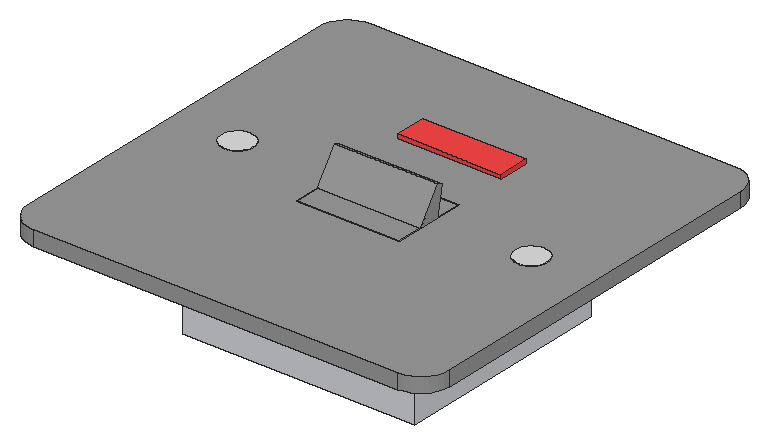
Revit family "ElectricalFixture_WiringAccessories_Hager_Sollysta_FlatDecorative50ADoublePoleSwitches", category Electrical Fixtures, host Face, Revit 2015
Parameters (values of type "WFDP50NBNB")
  Warranty ID = ""
  Voltage (Volts) = "230V/240V"
  Unique Reference = "WFDP50NBNB"
  Type = "ElectricalFixture"
  Technical Description = Description  # "50ADoublePoleSwitch1GangwithLEDIndicatorBlackNickelBlackInsert"
  Switch = yes
  Supply Phase = "1"
  Size = ""
  Single = yes
  Shipping Weight kg = "0.188"
  Shape = "Rectangular"
  Reference Standard = "BS 1363-2"
  Product URL = "http://www.hager.co.uk/product-catalogue/wiring-accessories/sollysta/white-moulded/white-moulded-sockets/58428.htm"
  Product Range = "Sollysta"
  Product Model Number = Unique Reference  # "WFDP50NBNB"
  Product Literature = "http://www.hager.co.uk/product-catalogue/wiring-accessories/sollysta/38662.htm"
  Product Group = "WiringAccessories"
  Product Family = "Decorative50ADoublePoleSwitches"
  Packaging Recyclable = yes
  Overall Width = Overall Length  # 86.0 mm
  Overall Length = 86.0 mm
  Overall Height = 86.0 mm
  Overall Depth = 21.918 mm
  Operation and Maintenance Manual = ""
  Name = Description  # "50ADoublePoleSwitch1GangwithLEDIndicatorBlackNickelBlackInsert"
  Measurement Units = "mm"
  Material = Hager_BlackNickel
  Manufacturer Website = "http://www.hager.co.uk/"
  Manufacturer Country = "United Kingdom"
  Manufacturer = "Hager"
  LED Indicator Switch = yes
  Gross Weight kg = "0.165"
  Frequency = "50/60Hz"
  Finish = "BlackNickel"
  Features = Description  # "50ADoublePoleSwitch1GangwithLEDIndicatorBlackNickelBlackInsert"
  Extrusion From Wall = 3.0 mm  # constant formula
  Expected Life = "25 years"
  EAN Code = "5015654741921"
  Double = no
  Distance From Edge = 63.59 mm
  Distance From Centre = 22.393 mm
  Design Country = "China"
  Description = "50ADoublePoleSwitch1GangwithLEDIndicatorBlackNickelBlackInsert"
  Default Elevation = 1219.2 mm
  Colour = "BlackNickel"
  CE Approval = yes
Types (7, lengths in mm): name | Unique Reference | Technical Description | Product Model Number | Name | Material | Finish | Features | EAN Code | Description | Colour
  WFDP50NPSW | "WFDP50NPSW" | "50ADoublePoleSwitch1GangwithLEDIndicatorPolishedSteelWhiteInsert" | "WFDP50NPSW" | "50ADoublePoleSwitch1GangwithLEDIndicatorPolishedSteelWhiteInsert" | Hager_PolishedSteel | "Polished" | "50ADoublePoleSwitch1GangwithLEDIndicatorPolishedSteelWhiteInsert" | "5015654741808" | "50ADoublePoleSwitch1GangwithLEDIndicatorPolishedSteelWhiteInsert" | "PolishedSteel"
  WFDP50NBSW | "WFDP50NBSW" | "50ADoublePoleSwitch1GangwithLEDIndicatorBrushedSteelWhiteInsert" | "WFDP50NBSW" | "50ADoublePoleSwitch1GangwithLEDIndicatorBrushedSteelWhiteInsert" | Hager_BrushedSteel | "Brushed" | "50ADoublePoleSwitch1GangwithLEDIndicatorBrushedSteelWhiteInsert" | "5015654741846" | "50ADoublePoleSwitch1GangwithLEDIndicatorBrushedSteelWhiteInsert" | "BrushedSteel"
  WFDP50NPBW | "WFDP50NPBW" | "50ADoublePoleSwitch1GangwithLEDIndicatorPolishedBrassWhiteInsert" | "WFDP50NPBW" | "50ADoublePoleSwitch1GangwithLEDIndicatorPolishedBrassWhiteInsert" | Hager_PolishedBrass | "Polished" | "50ADoublePoleSwitch1GangwithLEDIndicatorPolishedBrassWhiteInsert" | "5015654741884" | "50ADoublePoleSwitch1GangwithLEDIndicatorPolishedBrassWhiteInsert" | "PolishedBrass"
  WFDP50NBSB | "WFDP50NBSB" | "50ADoublePoleSwitch1GangwithLEDIndicatorBrushedSteelBlackInsert" | "WFDP50NBSB" | "50ADoublePoleSwitch1GangwithLEDIndicatorBrushedSteelBlackInsert" | Hager_BrushedSteel | "Brushed" | "50ADoublePoleSwitch1GangwithLEDIndicatorBrushedSteelBlackInsert" | "5015654741860" | "50ADoublePoleSwitch1GangwithLEDIndicatorBrushedSteelBlackInsert" | "BrushedSteel"
  WFDP50NPBB | "WFDP50NPBB" | "50ADoublePoleSwitch1GangwithLEDIndicatorPolishedBrassBlackInsert" | "WFDP50NPBB" | "50ADoublePoleSwitch1GangwithLEDIndicatorPolishedBrassBlackInsert" | Hager_PolishedBrass | "Polished" | "50ADoublePoleSwitch1GangwithLEDIndicatorPolishedBrassBlackInsert" | "5015654741907" | "50ADoublePoleSwitch1GangwithLEDIndicatorPolishedBrassBlackInsert" | "PolishedBrass"
  WFDP50NPSB | "WFDP50NPSB" | "50ADoublePoleSwitch1GangwithLEDIndicatorPolishedSteelBlackInsert" | "WFDP50NPSB" | "50ADoublePoleSwitch1GangwithLEDIndicatorPolishedSteelBlackInsert" | Hager_PolishedSteel | "Polished" | "50ADoublePoleSwitch1GangwithLEDIndicatorPolishedSteelBlackInsert" | "5015654741822" | "50ADoublePoleSwitch1GangwithLEDIndicatorPolishedSteelBlackInsert" | "PolishedSteel"
  WFDP50NBNB | "WFDP50NBNB" | "50ADoublePoleSwitch1GangwithLEDIndicatorBlackNickelBlackInsert" | "WFDP50NBNB" | "50ADoublePoleSwitch1GangwithLEDIndicatorBlackNickelBlackInsert" | Hager_BlackNickel | "BlackNickel" | "50ADoublePoleSwitch1GangwithLEDIndicatorBlackNickelBlackInsert" | "5015654741921" | "50ADoublePoleSwitch1GangwithLEDIndicatorBlackNickelBlackInsert" | "BlackNickel"
Reference planes
  plane 1 "Center (Front/Back)": y = 0
  plane 2: z = 0
  plane 3 "Center (Left/Right)": x = 0
  plane 4: y = -43
  plane 5: y = 43
  plane 6: x = -73
  plane 7: x = 13
  plane 8: z = 3
  plane 9: z = -18.918
  plane 10: z = 3
  plane 11: y = -471.393
  plane 12: z = -20.53
  plane 13: x = -30
  plane 14: y = 16.633
  plane 15: y = 23
  plane 16: y = -30
  plane 17: y = 30
  plane 18: x = -60
  plane 19: z = 3.8
Forms (mm)
  Extrusion 1, solid, material "Urea Formaldehyde Thermoset Plastic", detail levels fine
    sketch origin (0, 0, 0) x (1, 0, 0) y (0, 1, 0)
      loop
        arc (7.146, -43) -> (11.285, -41.285) -> (13, -37.146) r 5.854
        line (13, -37.146) -> (13, 37.146)
        arc (13, 37.146) -> (11.285, 41.285) -> (7.146, 43) r 5.854
        line (7.146, 43) -> (-67.146, 43)
        arc (-67.146, 43) -> (-71.285, 41.285) -> (-73, 37.146) r 5.854
        line (-73, 37.146) -> (-73, -37.146)
        arc (-73, -37.146) -> (-71.285, -41.285) -> (-67.146, -43) r 5.854
        line (-67.146, -43) -> (7.146, -43)
      loop
        line (-40.459, -9.37) -> (-19.471, -9.37) -> (-19.471, 5.738) -> (-40.459, 5.738) -> (-40.459, -9.37)
    from 0 to 3
  Extrusion 2, solid, material "Urea Formaldehyde Thermoset Plastic", detail levels medium
    sketch origin (0, 0, 0) x (1, 0, 0) y (0, 1, 0)
      loop
        line (-73, 43) -> (-73, -43) -> (13, -43) -> (13, 43) -> (-73, 43)
    from 0 to 3
  Extrusion 3, solid, material "Urea Formaldehyde Thermoset Plastic", detail levels fine
    sketch origin (0, -41.313, -17.164) x (0, 0.891007, -0.45399) y (0, 0.45399, 0.891007)
      loop
        line (23.928, 33.672) -> (28.856, 33.672) -> (26.504, 42.448) -> (25.318, 42.448) -> (23.928, 33.672)
    from -40.459 to -19.471
  Extrusion 4, solid, material "Urea Formaldehyde Thermoset Plastic", detail levels fine
    sketch origin (0, 0, 0) x (1, 0, 0) y (0, 1, 0)
      loop
        line (-40.459, -9.37) -> (-19.471, -9.37) -> (-19.471, 5.738) -> (-40.459, 5.738) -> (-40.459, -9.37)
    from 0 to 3
  Extrusion 5, solid, material "LED Indicator", visible <- "LED Indicator Switch", detail levels fine
    sketch origin (-29.405, -4.712, 0) x (1, 0, 0) y (0, 1, 0)
      loop
        line (-11.054, 21.345) -> (9.934, 21.345) -> (9.934, 27.712) -> (-11.054, 27.712) -> (-11.054, 21.345)
    from 0 to 3.8
  Extrusion 6, solid, material "Steel, Chrome Plated", visible <- "Single", detail levels fine
    sketch origin (-60, 0, 0) x (-1, 0, 0) y (0, -1, 0)
      loop
        circle (0, 0) r 3.228
    from 0 to 3
  Extrusion 7, solid, material "Steel, Chrome Plated", visible <- "Single", detail levels fine
    sketch origin (0, 0, 0) x (1, 0, 0) y (0, 1, 0)
      loop
        circle (0, 0) r 3.228
    from 0 to 3
  Extrusion 8, solid, detail levels medium+fine
    sketch origin (0, 0, 0) x (1, 0, 0) y (0, 1, 0)
      loop
        line (-53.699, -21.781) -> (-6.401, -21.781) -> (-6.401, 23.219) -> (-53.699, 23.219) -> (-53.699, -21.781)
    from -20.53 to 0
Lines and regions (mm)
  model lines
    curve 1: line (-73, 37.146, 0) -> (-73, -37.146, 0)
    curve 2: line (-67.146, -43, 0) -> (7.146, -43, 0)
    curve 3: arc (-73, -37.146, 0) -> (-71.285, -41.285, 0) -> (-67.146, -43, 0) r 5.854
    curve 4: arc (-67.146, 43, 0) -> (-71.285, 41.285, 0) -> (-73, 37.146, 0) r 5.854
    curve 5: line (7.146, 43, 0) -> (-67.146, 43, 0)
    curve 6: arc (13, 37.146, 0) -> (11.285, 41.285, 0) -> (7.146, 43, 0) r 5.854
    curve 7: line (13, -37.146, 0) -> (13, 37.146, 0)
    curve 8: arc (7.146, -43, 0) -> (11.285, -41.285, 0) -> (13, -37.146, 0) r 5.854
    curve 9: line (-40.459, 16.633, 0) -> (-19.471, 16.633, 0)
    curve 10: line (-19.471, 16.633, 0) -> (-19.471, 23, 0)
    curve 11: line (-19.471, 23, 0) -> (-40.459, 23, 0)
    curve 12: line (-40.459, 23, 0) -> (-40.459, 16.633, 0)
    curve 13: line (-40.459, -9.37, 0) -> (-19.471, -9.37, 0)
    curve 14: line (-19.471, -9.37, 0) -> (-19.471, 5.738, 0)
    curve 15: line (-19.471, 5.738, 0) -> (-40.459, 5.738, 0)
    curve 16: line (-40.459, 5.738, 0) -> (-40.459, -9.37, 0)
    curve 17: line (-40.459, -4.706, 0) -> (-19.471, -4.706, 0)
    curve 18: line (-19.471, -0.316, 0) -> (-40.459, -0.316, 0)
  model lines, visible <- "Single"
    curve 19: arc (-63.228, 0, 0) -> (-60, -3.228, 0) -> (-56.772, 0, 0) r 3.228
    curve 20: arc (-56.772, 0, 0) -> (-60, 3.228, 0) -> (-63.228, 0, 0) r 3.228
    curve 21: arc (-3.228, 0, 0) -> (0, -3.228, 0) -> (3.228, 0, 0) r 3.228
    curve 22: arc (3.228, 0, 0) -> (0, 3.228, 0) -> (-3.228, 0, 0) r 3.228
  model lines, visible <- "Double"
    curve 23: arc (-26.772, -30, 0) -> (-30, -26.772, 0) -> (-33.228, -30, 0) r 3.228
    curve 24: arc (-33.228, -30, 0) -> (-30, -33.228, 0) -> (-26.772, -30, 0) r 3.228
    curve 25: arc (-33.228, 30, 0) -> (-30, 26.772, 0) -> (-26.772, 30, 0) r 3.228
    curve 26: arc (-26.772, 30, 0) -> (-30, 33.228, 0) -> (-33.228, 30, 0) r 3.228
Dimensions and locks
  "Overall Length": plane 6 to plane 7
  "Overall Height": plane 4 to plane 5
  "Overall Depth": plane 9 to plane 8
  "Extrusion From Wall": plane 2 to plane 10
  equal spacing: plane 4, plane 1 "Center (Front/Back)", plane 5
  locked: plane 1 "Center (Front/Back)" to plane 14 at 16.633
  locked: plane 17 to plane 5 at 13
  locked: plane 4 to plane 16 at 13
  locked: plane 19 to plane 8 at 0.8
  "Extrusion From Wall": plane 8 to plane 2
  aligned and locked: plane 2 to host face
  aligned and locked: level to host face
  aligned and locked: Extrusion 1 sketch curve to plane 4
  aligned and locked: Extrusion 1 sketch curve to plane 7
  aligned and locked: Extrusion 1 sketch curve to plane 5
  aligned and locked: Extrusion 1 sketch curve to plane 6
  aligned and locked: Extrusion 1 to plane 8
  aligned and locked: Extrusion 2 sketch curve to plane 6
  aligned and locked: Extrusion 2 sketch curve to plane 4
  aligned and locked: Extrusion 2 sketch curve to plane 7
  aligned and locked: Extrusion 2 sketch curve to plane 5
  aligned and locked: Extrusion 2 to plane 8
  aligned and locked: Extrusion 2 to level
  aligned and locked: Extrusion 1 to Extrusion 4
  aligned and locked: Extrusion 5 to curve 10
  aligned and locked: curve 12 to Extrusion 5
  aligned and locked: curve 13 to Extrusion 4
  aligned and locked: curve 14 to Extrusion 4
  aligned and locked: curve 15 to Extrusion 4
  aligned and locked: curve 16 to Extrusion 4
  aligned and locked: curve 17 to Extrusion 3
  aligned and locked: curve 18 to Extrusion 3
  aligned and locked: plane 15 to curve 11
  aligned and locked: plane 15 to Extrusion 5
  aligned and locked: Extrusion 5 to plane 14
  aligned and locked: curve 9 to plane 14
  aligned and locked: plane 18 to Extrusion 6 sketch curve
  aligned and locked: plane 1 "Center (Front/Back)" to Extrusion 6 sketch curve
  aligned and locked: plane 3 "Center (Left/Right)" to Extrusion 7 sketch curve
  aligned and locked: plane 1 "Center (Front/Back)" to Extrusion 7 sketch curve
  aligned and locked: curve 19 to Extrusion 6
  aligned and locked: curve 20 to Extrusion 6
  aligned and locked: curve 21 to Extrusion 7
  aligned and locked: curve 22 to Extrusion 7
  aligned and locked: plane 12 to Extrusion 8
  aligned and locked: level to Extrusion 8
  aligned and locked: Extrusion 6 to plane 8
  aligned and locked: Extrusion 7 to plane 8
  aligned and locked: Extrusion 4 to level
  aligned and locked: Extrusion 4 to plane 8
  aligned and locked: plane 19 to Extrusion 5
Automatic sketch dimensions
  host sketch curve to host sketch curve = 2438.4 mm  (x2)
  plane 6 to Extrusion 1 sketch curve = 5.854 mm  (x2)
  Extrusion 1 sketch curve to plane 13 = 10.459 mm
  plane 13 to Extrusion 1 sketch curve = 10.529 mm
  Extrusion 1 sketch curve to plane 4 = 5.854 mm
  plane 5 to Extrusion 1 sketch curve = 5.854 mm
  plane 1 "Center (Front/Back)" to Extrusion 1 sketch curve = 9.37 mm
  Extrusion 1 sketch curve to plane 1 "Center (Front/Back)" = 5.738 mm
  plane 8 to Extrusion 3 sketch curve = 1.025 mm
  plane 1 "Center (Front/Back)" to Extrusion 3 sketch curve = 4.706 mm
  Extrusion 3 sketch curve to Extrusion 3 sketch curve = 1.39 mm
  Extrusion 3 sketch curve to Extrusion 3 sketch curve = 1.186 mm
  Extrusion 3 sketch curve to Extrusion 3 sketch curve = 4.928 mm
  Extrusion 3 sketch curve to Extrusion 3 sketch curve = 8.775 mm
  plane 1 "Center (Front/Back)" to Extrusion 4 sketch curve = 9.37 mm
  Extrusion 5 sketch curve to plane 14 = 0.0 mm
  Extrusion 5 sketch curve to plane 15 = 0.0 mm
  Extrusion 5 sketch curve to plane 13 = 10.459 mm
  plane 13 to Extrusion 5 sketch curve = 10.529 mm
  Extrusion 6 sketch curve to plane 18 = 3.228 mm
  Extrusion 7 sketch curve to plane 3 "Center (Left/Right)" = 3.228 mm
  plane 18 to Extrusion 8 sketch curve = 6.301 mm
  Extrusion 8 sketch curve to plane 3 "Center (Left/Right)" = 6.401 mm
  Extrusion 8 sketch curve to plane 16 = 8.219 mm
  plane 17 to Extrusion 8 sketch curve = 6.781 mm
  Extrusion 4 sketch curve to plane 13 = 10.459 mm
  plane 13 to Extrusion 4 sketch curve = 10.529 mm
  Extrusion 4 sketch curve to plane 1 "Center (Front/Back)" = 5.738 mm
Nested families
  nested 1: "LED Switch" at (115.776, 36.364, 0), type "LED Switch"
  nested 2: "LED Switch" at (-1946.613, 203, 0), type "LED Switch"
Connectors
  electrical at (-30, 0, 0)
    settings: on Extrusion 1, index 1, voltage 230 V, apparent load 0 VA, apparent load phase1 0 VA, apparent load phase2 0 VA, apparent load phase3 0 VA, power factor 1, load classification "Other", number of poles 1, system type 31, power factor state 1, is connector primary yes, connector utility no, sub classification motor no, connector description ""
Definition of nested family "LED Switch"
  Parameters (values of type "LED Switch")
    LED Indicator Switch = no
  Reference planes
    plane 1 "Center (Front/Back)": y = 0
    plane 2: z = 0
    plane 3 "Center (Left/Right)": x = 0
  Forms (mm)
    Extrusion 1, solid, visible <- "LED Indicator Switch", detail levels fine
      sketch origin (-4.952, -17.415, 4.745) x (-1, 0, 0) y (0, -0.987688, 0.156434)
        loop
          line (-2.778, -29.269) -> (-7.654, -29.269) -> (-7.654, -32.25) -> (-2.778, -32.25) -> (-2.778, -29.269)
      from 0 to 8.633
    Extrusion 2, solid, visible <- "LED Indicator Switch", detail levels fine
      sketch origin (-74.952, -18.168, 4.067) x (-1, 0, 0) y (0, -0.987688, 0.156434)
        loop
          line (-82.054, -8.53) -> (-82.054, -29.653)
          arc (-82.054, -29.653) -> (-81.106, -31.94) -> (-78.819, -32.888) r 3.235
          line (-78.819, -32.888) -> (-77.654, -32.888) -> (-77.654, -29.907) -> (-75.259, -29.907) -> (-72.778, -29.907) -> (-72.778, -32.888) -> (-71.698, -32.888)
          arc (-71.698, -32.888) -> (-69.359, -31.919) -> (-68.39, -29.58) r 3.308
          line (-68.39, -29.58) -> (-68.39, -8.616)
          arc (-68.39, -8.616) -> (-69.351, -6.296) -> (-71.671, -5.335) r 3.281
          line (-71.671, -5.335) -> (-78.859, -5.335)
          arc (-78.859, -5.335) -> (-81.118, -6.271) -> (-82.054, -8.53) r 3.194
      from 0 to 9.42
  Dimensions and locks
    aligned and locked: level to plane 2
